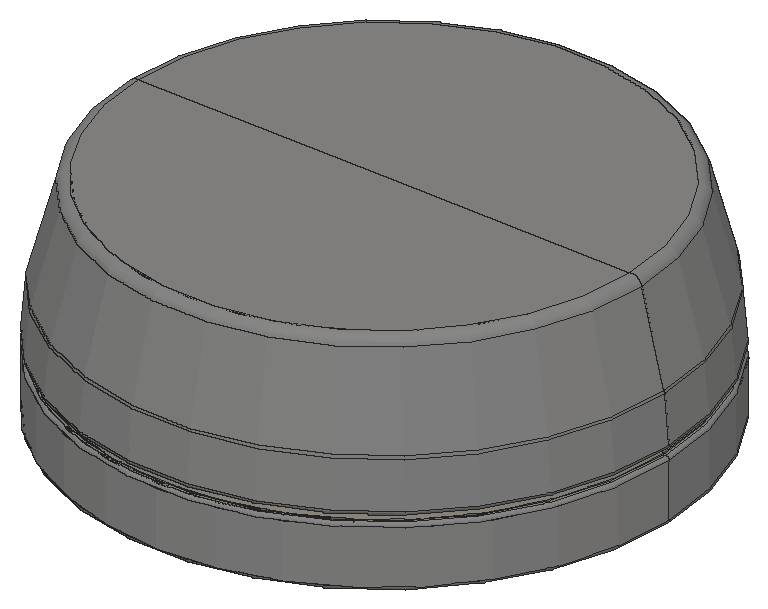
Revit family "Seating-Medium-Teknion-STBD_Qui-R2013", category Furniture, Revit 2013
Parameters (values of type "Medium")
  Width = 44.500"
  Warranty = "http://www.teknionstudio.com/pdfs/Teknion%20Studio%20Warranty.pdf"
  Unit Weight = 0.00 lbf
  URL = "www.teknionstudio.com"
  Top Upholstery Finish [instance] = Fabric - Teknion - F206 - Full Wool - Fantasme
  Thread Finish [instance] = Thread - Teknion - Black
  Series = "Studio"
  Product Line = "Qui"
  Product Documentation Link = "http://www.teknionstudio.com/pricing/STBD_ppg.pdf"
  Part Number = "STBD"
  No Casters = no
  Model = "STBD3"
  Mid Wood Finish [instance] = Wood - Teknion - MP - Natural Maple
  Manufacturer Phone = "919-464-2920"
  Manufacturer Fax = "919-464-2927"
  Manufacturer Email = "customersupport@teknionstudio.com"
  Manufacturer Address = "3941 US 70 Business HWY West, Clayton, NC 27520"
  Manufacturer = "Teknion Studio"
  Low Emitting Material = yes
  Low Emitting Finish = yes
  Height = 17.3001"
  Description = "Qui Large Ottoman - Wood Mid Panel, 44.5\"dia x 18\"h / 113cm x 46cm"
  Depth = 44.500"
  Base Upholstery Finish [instance] = Fabric - Teknion - F206 - Full Wool - Fantasme
  Assembly Code = "E2020200"
Reference planes (in)
  plane 1 "Center F/B": y = 0
  plane 2: z = 0
  plane 3 "Center L/R": x = 0
  plane 4 "Left": x = -22.25
  plane 5 "Right": x = 22.25
  plane 6 "Back": y = 22.25
  plane 7 "Front": y = -22.25
  plane 8 "Top": z = 17.3001
  plane 9 "Mid Top": z = 5.99
  plane 10 "Mid Bottom": z = 5.4351
  plane 11 "Casters Top": z = 2.6851
  plane 12 "Bottom": z = 0.75
  plane 13: y = -10.5
  plane 14: through (0, 0, 48) normal (-0.5, 0.866, 0)
  plane 15: through (0, 0, 48) normal (0.5, 0.866, 0)
  plane 16 "Wheel Mid Plane": z = 1.19
  plane 17 "Thread 2": z = 16.6501
  plane 18 "Thread 3": x = -0.325
  plane 19 "Thread 4": x = 0.325
  plane 20: x = -3.725
  plane 21: x = 3.725
Forms (in)
  Revolve 1, solid, material "Fabric - Teknion - F206 - Full Wool - Fantasme" <- "Base Upholstery Finish"
    sketch origin (0, 0, 0) x (1, 0, 0) y (0, 0, 1)
      loop
        line (0, 5.4351) -> (-22, 5.4351)
        arc (-22, 5.4351) -> (-22.17678, 5.36188) -> (-22.25, 5.1851) r 0.25
        line (-22.25, 5.1851) -> (-22.25, 1)
        arc (-22.25, 1) -> (-22.17678, 0.82322) -> (-22, 0.75) r 0.25
        line (-22, 0.75) -> (0, 0.75) -> (0, 5.4351)
      axis (0, 5.4351) -> (0, 0.75)
    angle from 0 to 360
  Revolve 2, solid, material "Wood - Teknion - MP - Natural Maple" <- "Mid Wood Finish"
    sketch origin (0, 0, 0) x (1, 0, 0) y (0, 0, 1)
      loop
        arc (-21.65, 6.0501) -> (-21.72071, 6.02081) -> (-21.75, 5.9501) r 0.1
        line (-21.75, 5.9501) -> (-21.75, 5.47013)
        arc (-21.75, 5.47013) -> (-21.72067, 5.39933) -> (-21.64987, 5.37) r 0.10013
        line (-21.64987, 5.37) -> (0, 5.37) -> (0, 6.0501) -> (-21.65, 6.0501)
      axis (0, 6.0501) -> (0, 5.37)
    angle from 0 to 360
  Revolve 3, solid, material "Fabric - Teknion - F206 - Full Wool - Fantasme" <- "Top Upholstery Finish"
    sketch origin (0, 0, 0) x (1, 0, 0) y (0, 0, 1)
      loop
        line (0, 17.3001) -> (0, 5.99) -> (21.98328, 5.99)
        arc (21.98328, 5.99) -> (22.1676, 6.0711) -> (22.23233, 6.26179) r 0.25
        line (22.23233, 6.26179) -> (21.92651, 9.75731)
        arc (21.92651, 9.75731) -> (21.91114, 9.87407) -> (21.88565, 9.98906) r 1.35
        line (21.88565, 9.98906) -> (20.1054, 16.63304)
        arc (20.1054, 16.63304) -> (19.78395, 17.11412) -> (19.23607, 17.3001) r 0.9
        line (19.23607, 17.3001) -> (0, 17.3001)
      axis (0, 5.99) -> (0, 17.3001)
    angle from 0 to 360
  Revolve 4, solid, material "Plastic - Teknion - E - Ebony"
    sketch origin (0, -9.5, 0) x (0, 1, 0) y (0, 0, 1)
      loop
        line (-10.5, 0) -> (-10.5, 0.75) -> (-11, 0.75) -> (-10.89982, 0) -> (-10.5, 0)
      axis (-10.5, 0) -> (-10.5, 0.75)
    angle from 0 to 360
  Revolve 5, solid, material "Plastic - Teknion - E - Ebony"
    sketch origin (-8.22724, -4.75, 0) x (0.866025, 0.5, 0) y (0, 0, 1)
      loop
        line (-10.5, 0) -> (-10.5, 0.75) -> (-11, 0.75) -> (-10.89982, 0) -> (-10.5, 0)
      axis (-10.5, 0) -> (-10.5, 0.75)
    angle from 0 to 360
  Revolve 6, solid, material "Plastic - Teknion - E - Ebony"
    sketch origin (-8.22724, 4.75, 0) x (0.866025, -0.5, 0) y (0, 0, 1)
      loop
        line (-10.5, 0) -> (-10.5, 0.75) -> (-11, 0.75) -> (-10.89982, 0) -> (-10.5, 0)
      axis (-10.5, 0) -> (-10.5, 0.75)
    angle from 0 to 360
  Revolve 7, solid, material "Plastic - Teknion - E - Ebony"
    sketch origin (0, 9.5, 0) x (0, -1, 0) y (0, 0, 1)
      loop
        line (-10.5, 0) -> (-10.5, 0.75) -> (-11, 0.75) -> (-10.89982, 0) -> (-10.5, 0)
      axis (-10.5, 0) -> (-10.5, 0.75)
    angle from 0 to 360
  Revolve 8, solid, material "Plastic - Teknion - E - Ebony"
    sketch origin (8.22724, 4.75, 0) x (-0.866025, -0.5, 0) y (0, 0, 1)
      loop
        line (-10.5, 0) -> (-10.5, 0.75) -> (-11, 0.75) -> (-10.89982, 0) -> (-10.5, 0)
      axis (-10.5, 0) -> (-10.5, 0.75)
    angle from 0 to 360
  Revolve 9, solid, material "Plastic - Teknion - E - Ebony"
    sketch origin (8.22724, -4.75, 0) x (-0.866025, 0.5, 0) y (0, 0, 1)
      loop
        line (-10.5, 0) -> (-10.5, 0.75) -> (-11, 0.75) -> (-10.89982, 0) -> (-10.5, 0)
      axis (-10.5, 0) -> (-10.5, 0.75)
    angle from 0 to 360
Lines and regions (in)
  Masking region 1
    outline origin (0, 0, 17.3001) x (-1, 0, 0) y (0, -1, 0)
      loop
        circle (0, 0) r 22.25
  symbolic lines, detail levels fine
    curve 1: circle (0, 0, 17.3001) r 21.75 normal (0, 0, 1)
  symbolic lines, detail levels medium+fine
    curve 2: circle (0, 0, 17.3001) r 20.1 normal (0, 0, 1)
  symbolic lines
    curve 3: circle (0, 0, 17.3001) r 19.6 normal (0, 0, 1)
  model lines, detail levels medium+fine
    curve 4: arc (0.325, -20.09737, 16.6501) -> (2.03236, -19.99699, 16.6501) -> (3.725, -19.75182, 16.6501) r 20.1
    curve 5: arc (-3.725, -19.75182, 16.6501) -> (-2.03236, -19.99699, 16.6501) -> (-0.325, -20.09737, 16.6501) r 20.1
    curve 7: line (-0.325, -20.10035, 16.6501) -> (-0.325, -21.89438, 9.95469)
    curve 8: line (-0.325, -22.22955, 6.24243) -> (-0.325, -21.94419, 9.50408)
    curve 9: arc (-0.325, -21.89438, 9.95469) -> (-0.325, -21.92161, 9.72964) -> (-0.325, -21.94419, 9.50408) r 11
    curve 10: arc (-0.325, -22.22955, 6.24243) -> (-0.325, -22.15562, 6.06393) -> (-0.325, -21.97712, 5.99) r 0.25243
    curve 11: line (-0.325, -22.25, 5.19389) -> (-0.325, -22.25, 1.00401)
    curve 12: arc (-0.325, -22.25, 1.00401) -> (-0.325, -22.1756, 0.8244) -> (-0.325, -21.99599, 0.75) r 0.25401
    curve 13: arc (-0.325, -22.25, 5.19389) -> (-0.325, -22.18367, 5.36175) -> (-0.325, -22.01808, 5.43354) r 0.23582
    curve 14: line (0.325, -20.10035, 16.6501) -> (0.325, -21.89438, 9.95469)
    curve 15: line (0.325, -22.22955, 6.24243) -> (0.325, -21.94419, 9.50408)
    curve 16: arc (0.325, -21.89438, 9.95469) -> (0.325, -21.92161, 9.72964) -> (0.325, -21.94419, 9.50408) r 11
    curve 17: arc (0.325, -22.22955, 6.24243) -> (0.325, -22.15562, 6.06393) -> (0.325, -21.97712, 5.99) r 0.25243
    curve 18: line (0.325, -22.25, 5.19389) -> (0.325, -22.25, 1.00401)
    curve 19: arc (0.325, -22.25, 1.00401) -> (0.325, -22.1756, 0.8244) -> (0.325, -21.99599, 0.75) r 0.25401
    curve 20: arc (0.325, -22.25, 5.19389) -> (0.325, -22.18367, 5.36175) -> (0.325, -22.01808, 5.43354) r 0.23582
  model lines, detail levels fine
    curve 6: arc (-3.725, -19.24277, 17.3001) -> (0, -19.6, 17.3001) -> (3.725, -19.24277, 17.3001) r 19.6
Dimensions and locks (in)
  "Height": plane 8 "Top" to level
  equal spacing: plane 4 "Left", plane 3 "Center L/R", plane 5 "Right"
  "Width": plane 4 "Left" to plane 5 "Right"
  equal spacing: plane 6 "Back", plane 1 "Center F/B", plane 7 "Front"
  "Depth": plane 6 "Back" to plane 7 "Front"
  locked: plane 3 "Center L/R" to Revolve 2 sketch curve at 21.75
  locked: plane 16 "Wheel Mid Plane" to plane 2 at 1.19
  plane 19 "Thread 4" to plane 3 "Center L/R" to plane 18 "Thread 3" = 0.325", 0.325"
  locked: plane 19 "Thread 4" to plane 18 "Thread 3" at 0.65
  Revolve 2 sketch curve to Revolve 2 sketch curve to Revolve 2 sketch curve to Revolve 2 sketch curve to plane 2 = 0.100" locked, 0.47997" locked, 0.10013" locked, 5.370" locked
  equal spacing: plane 20, plane 3 "Center L/R", plane 21
  locked: plane 20 to plane 21 at 7.45
  locked: plane 12 "Bottom" to plane 2 at 0.75
  locked: plane 11 "Casters Top" to plane 2 at 2.6851
  locked: plane 8 "Top" to plane 17 "Thread 2" at 0.65
  radius of curve 1 = 21.750"
  radius of curve 2 = 20.100"
  radius of curve 3 = 19.600"
  radius of curve 13 = 0.23582"
  radius of curve 10 = 0.25243"
  radius of curve 12 = 0.25401"
  radius of curve 6 = 19.600"
  radius of curve 4 = 20.100"
  radius of Masking region 1 sketch curve = 22.250"
  locked: plane 5 "Right" to Revolve 3 sketch curve (angle 15.00°)
  locked: plane 5 "Right" to Revolve 3 sketch curve (angle 5.00°)
  locked: curve 5 to curve 5 (angle 9.75352°)
  locked: curve 4 to curve 4 (angle 9.75352°)
  angle plane 7 "Front" to curve 7 = 15.00°
  locked: plane 7 "Front" to curve 8 (angle 5.00°)
  aligned and locked: level to plane 2
  aligned and locked: plane 8 "Top" to Revolve 1 sketch curve
  aligned and locked: plane 2 to Revolve 1 sketch curve
  aligned and locked: Revolve 1 sketch curve to plane 3 "Center L/R"  (x2)
  aligned and locked: Revolve 1 sketch curve to plane 4 "Left"
  aligned and locked: Revolve 1 sketch curve to plane 12 "Bottom"
  aligned and locked: plane 10 "Mid Bottom" to Revolve 1 sketch curve
  aligned and locked: plane 8 "Top" to Revolve 2 sketch curve
  aligned and locked: plane 2 to Revolve 2 sketch curve
  aligned and locked: Revolve 2 sketch curve to plane 3 "Center L/R"  (x2)
  aligned and locked: plane 8 "Top" to Revolve 3 sketch curve
  aligned and locked: plane 2 to Revolve 3 sketch curve
  aligned and locked: plane 3 "Center L/R" to Revolve 3 sketch curve
  aligned and locked: Revolve 3 sketch curve to plane 8 "Top"
  aligned and locked: Revolve 3 sketch curve to plane 9 "Mid Top"
  aligned and locked: Revolve 3 sketch curve to plane 3 "Center L/R"
  aligned and locked: curve 4 to curve 5
  aligned and locked: curve 7 to curve 14
  aligned and locked: curve 16 to curve 9
  aligned and locked: curve 15 to curve 8
  aligned and locked: curve 17 to curve 10
  aligned and locked: curve 20 to curve 13
  aligned and locked: curve 18 to curve 11
  aligned and locked: curve 19 to curve 12
  aligned and locked: curve 5 to curve 7
  aligned and locked: curve 4 to curve 14
  aligned and locked: curve 7 to curve 4
  aligned and locked: plane 20 to curve 6
  aligned and locked: plane 21 to curve 4
  aligned and locked: plane 21 to curve 6
  aligned and locked: plane 3 "Center L/R" to Masking region 1 sketch curve
  aligned and locked: plane 1 "Center F/B" to Masking region 1 sketch curve
  aligned and locked: plane 1 "Center F/B" to curve 2
  aligned and locked: plane 3 "Center L/R" to curve 2
  aligned and locked: plane 1 "Center F/B" to curve 1
  aligned and locked: plane 3 "Center L/R" to curve 1
  aligned and locked: plane 1 "Center F/B" to curve 3
  aligned and locked: plane 3 "Center L/R" to curve 3
Automatic sketch dimensions
  plane 4 "Left" to Revolve 1 sketch curve = 0.250"
  plane 12 "Bottom" to Revolve 1 sketch curve = 0.250"
  Revolve 3 sketch curve to plane 5 "Right" = 0.01767"
  plane 9 "Mid Top" to Revolve 3 sketch curve = 0.27179"
  Revolve 3 sketch curve to plane 8 "Top" = 0.66706"
  Revolve 3 sketch curve to Revolve 3 sketch curve = 0.86933"
  Revolve 3 sketch curve to plane 5 "Right" = 0.36435"
  Revolve 3 sketch curve to Revolve 3 sketch curve = 0.04086"
  Revolve 3 sketch curve to plane 5 "Right" = 0.26672"
  Revolve 3 sketch curve to Revolve 3 sketch curve = 1.34486"
  Revolve 3 sketch curve to Revolve 3 sketch curve = 0.23175"
  Revolve 4 sketch curve to Revolve 4 sketch curve = 0.10018"
  Revolve 4 sketch curve to Revolve 4 sketch curve = 0.39982"
  Revolve 4 sketch curve to Revolve 4 sketch curve = 0.000"  (x2)
  Revolve 4 sketch curve to Revolve 4 sketch curve = 0.750"
  Revolve 4 sketch curve to Revolve 4 sketch curve = 16.5501"
  Revolve 5 sketch curve to Revolve 5 sketch curve = 0.10018"
  Revolve 5 sketch curve to Revolve 5 sketch curve = 0.39982"
  Revolve 5 sketch curve to Revolve 5 sketch curve = 0.000"  (x2)
  Revolve 5 sketch curve to Revolve 5 sketch curve = 0.750"
  Revolve 5 sketch curve to Revolve 5 sketch curve = 16.5501"
  Revolve 6 sketch curve to Revolve 6 sketch curve = 0.10018"
  Revolve 6 sketch curve to Revolve 6 sketch curve = 0.39982"
  Revolve 6 sketch curve to Revolve 6 sketch curve = 0.000"  (x2)
  Revolve 6 sketch curve to Revolve 6 sketch curve = 0.750"
  Revolve 6 sketch curve to Revolve 6 sketch curve = 16.5501"
  Revolve 7 sketch curve to Revolve 7 sketch curve = 0.10018"
  Revolve 7 sketch curve to Revolve 7 sketch curve = 0.39982"
  Revolve 7 sketch curve to Revolve 7 sketch curve = 0.000"  (x2)
  Revolve 7 sketch curve to Revolve 7 sketch curve = 0.750"
  Revolve 7 sketch curve to Revolve 7 sketch curve = 16.5501"
  Revolve 8 sketch curve to Revolve 8 sketch curve = 0.10018"
  Revolve 8 sketch curve to Revolve 8 sketch curve = 0.39982"
  Revolve 8 sketch curve to Revolve 8 sketch curve = 0.000"  (x2)
  Revolve 8 sketch curve to Revolve 8 sketch curve = 0.750"
  Revolve 8 sketch curve to Revolve 8 sketch curve = 16.5501"
  Revolve 9 sketch curve to Revolve 9 sketch curve = 0.10018"
  Revolve 9 sketch curve to Revolve 9 sketch curve = 0.39982"
  Revolve 9 sketch curve to Revolve 9 sketch curve = 0.000"  (x2)
  Revolve 9 sketch curve to Revolve 9 sketch curve = 0.750"
  Revolve 9 sketch curve to Revolve 9 sketch curve = 16.5501"
  curve 13 to plane 10 "Mid Bottom" = 0.00156"
  curve 18 to plane 7 "Front" = 0.000"
  curve 18 to plane 16 "Wheel Mid Plane" = 0.18599"
  curve 14 to plane 7 "Front" = 0.35562"
  curve 19 to plane 12 "Bottom" = 0.000"
  curve 17 to plane 9 "Mid Top" = 0.000"
  curve 14 to plane 17 "Thread 2" = 0.000"
  curve 18 to plane 10 "Mid Bottom" = 0.24121"
  curve 15 to plane 7 "Front" = 0.02045"
  plane 9 "Mid Top" to curve 15 = 0.25243"
  curve 15 to plane 7 "Front" = 0.30581"
  curve 17 to curve 15 = 3.26165"
  curve 16 to curve 14 = 0.45061"
  curve 18 to curve 20 = 0.00386"
  curve 20 to plane 10 "Mid Bottom" = 0.00156"
  curve 16 to plane 13 = 0.48821"
  curve 14 to plane 7 "Front" = 2.14965"
  curve 20 to curve 18 = 0.23579"
  plane 1 "Center F/B" to curve 5 = 0.000"
  curve 1 to curve 6 = 0.000"  (x2)
